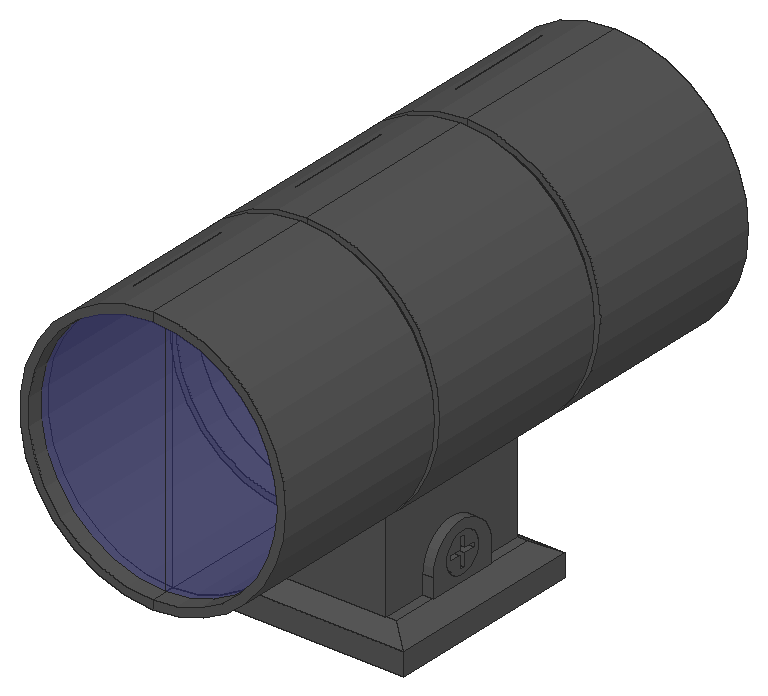
Revit family "CARLO CYLINDER LIGHT WALL MOUNT", category Lighting Fixtures, host Face, Revit 2020 (continued)
Types (10): name | Wattage_Input | Wattage Comments | Wattage | Photometric Web File | built-in parameter 1150142 | Model | built-in parameter 1150105 | Lumens | Light Length 1 | LIGHT RADIUS | LIGHT PLACEMENT | LIGHT LENGTH | LIGHT DIA | built-in parameter 1150106 | FIXED END HEIGHT | Curve base Height | Base Curve | BEAMING ANGLE | Apparent Load
    33.59 134.62 135.67 136.82 138.06 139.37 140.85 142.61 \r\n 144.67 147.05 149.79 152.9 156.49 160.59 165.42 171.13 177.89 185.41 \r\n 195.35 210.19 227.17 244.02 261.72 279.47 300.22 327.38 358.71 393.16 \r\n 430.62 470.72 513.18 557.75 603.93 650.84 699.34 750.59 802.72 854.32 \r\n 905.22 954.66 1003 1050.4 1096.3 1140.7 1182.1 1219.1 1252.6 1282.8 \r\n 1310.8 1337.8 1363.3 1387.4 1409.1 1428.2 1443.3 1452.7 1457.1 1456.8 \r\n 1452.3 \r\n1448.4 1457 1456.9 1451.1 1440.4 1425.2 1406.1 1383.2 1358.4 1333.8 \r\n 1308.1 1281 1251.3 1217.6 1180.4 1139.2 1094.9 1047.8 998.74 948.45 \r\n 897.18 845.23 793.24 741.79 691.37 642.81 595.68 549.63 505.28 463.01 \r\n 423.2 386.3 352.48 322.18 295.07 270.84 249.76 232.29 217.51 204.66 \r\n 193.75 184.69 177.06 170.46 164.82 159.94 155.76 152.2 149.13 146.37 \r\n 143.95 141.85 140.02 138.43 137.05 135.85 134.76 133.65 132.56 131.43 \r\n 130.38 129.57 128.83 128.06 127.28 126.48 125.65 124.76 123.84 123.13 \r\n 121.94 119.56 116.33 112.46 107.72 101.83 95.241 88.304 81.034 73.522 \r\n 65.9 58.294 50.808 43.592 36.624 29.655 23.512 19.103 15.943 14.055 \r\n 12.819 11.603 10.469 9.2027 7.9983 6.9843 6.1405 5.4993 5.0307 4.7523 \r\n 4.553 4.3051 4.0757 3.9007 3.7465 3.5882 3.436 3.2916 3.1567 3.04 \r\n 2.9229 2.7867 2.6401 2.4793 2.3238 2.2024 2.0829 1.9334 1.7816 1.6477 \r\n 1.5225 1.4103 1.2905 1.1276 0.97147 0.87449 0.79356 0.69652 0.60289 0.52032 \r\n 0.45233 0.4096 0.37841 0.34703 0.32012 0.29869 0.2819 0.27023 0.26079 0.2513 \r\n 0.24198 0.2323 0.22223 0.21099 0.2004 0.19272 0.18587 0.17805 0.17069 0.1652 \r\n 0.15972 0.15235 0.14456 0.13735 0.1301 0.12235 0.11462 0.10758 0.10032 0.091506 \r\n 0.0831 0.07733 0.072054 0.065601 0.058796 0.051663 0.044937 0.040055 0.034935 0.027247 \r\n 0.019173 0.012017 0.0060784 0.002255 0.000061 0 0 0 0 0 \r\n 0 0 0 0 0 0 0.000032 0.0010471 0.0028443 0.0054792 \r\n 0.009137 0.014763 0.020133 0.0219 0.024367 0.032299 0.040966 0.045843 0.051087 0.060466 \r\n 0.070628 0.079412 0.087023 0.092398 0.097177 0.10263 0.10881 0.11677 0.12478 0.1309 \r\n 0.13684 0.14386 0.15124 0.15855 0.16608 0.1739 0.1822 0.19119 0.20087 0.21179 \r\n 0.22249 0.23077 0.23942 0.25034 0.26391 0.28121 0.30198 0.32517 0.35416 0.39017 \r\n 0.43859 0.50897 0.59001 0.67387 0.76435 0.85818 0.96871 1.121 1.2766 1.393 \r\n 1.5085 1.6566 1.8097 1.9488 2.0813 2.2023 2.3297 2.491 2.6531 2.7851 \r\n 2.9073 3.0286 3.1521 3.2864 3.424 3.5552 3.6945 3.8506 4.0302 4.2519 \r\n 4.4885 4.6917 4.9441 5.3078 5.7963 6.4461 7.2504 8.2477 9.3387 10.362 \r\n 11.543 12.847 14.892 18.332 23.025 29.316 36.394 43.515 50.815 58.156 \r\n 65.604 73.262 80.89 88.334 95.438 102.1 108.01 112.75 116.56 119.54 \r\n 121.69 122.84 123.59 124.6 125.6 126.53 127.43 128.3 129.15 129.98 \r\n 130.87 131.97 133.11 134.16 135.22 136.33 137.54 138.87 140.4 142.17 \r\n 144.22 146.62 149.37 152.46 156.03 160.14 164.99 170.69 177.41 184.93 \r\n 194.46 207.66 222.95 239.04 256.73 275.87 298.03 325.12 356 390.28 \r\n 427.59 467.45 509.7 554.24 600.43 647.33 695.77 746.83 798.85 850.58 \r\n 901.84 952 1001.1 1049 1095.3 1139.7 1181.3 1218.4 1252 1281.7 \r\n 1309.2 1335.9 1361.3 1386 1408.5 1427.6 1442.6 1452.4 1457.2 1457 \r\n 1452.3 \r\n1448.4 1457.2 1457 1451.7 1441.4 1426.4 1407.3 1383.9 1358.4 1333.1 \r\n 1306.8 1279.9 1250.6 1216.8 1179.3 1137.7 1093.1 1046.4 997.81 947.8 \r\n 896.75 845.07 793.21 741.4 690.63 642.24 595.34 549.18 504.74 462.8 \r\n 423.3 386.25 352.21 321.94 294.93 270.91 249.96 232.27 217.21 204.18 \r\n 193.17 184.18 176.66 170.02 164.32 159.48 155.36 151.83 148.78 146.03 \r\n 143.62 141.58 139.81 138.24 136.87 135.71 134.66 133.58 132.5 131.33 \r\n 130.25 129.45 128.74 128 127.23 126.36 125.45 124.49 123.54 122.91 \r\n 121.82 119.47 116.27 112.48 107.84 102.02 95.433 88.325 80.886 73.376 \r\n 65.841 58.431 51.098 43.802 36.669 29.512 23.241 18.921 15.889 14.014 \r\n 12.761 11.535 10.389 9.1026 7.8898 6.9085 6.103 5.4744 5.0099 4.7345 \r\n 4.5362 4.2894 4.0596 3.8794 3.7213 3.5673 3.4204 3.2758 3.1397 3.0229 \r\n 2.9068 2.775 2.6308 2.4621 2.2988 2.1793 2.0654 1.9235 1.7776 1.6418 \r\n 1.5128 1.4005 1.2803 1.1135 0.95304 0.85339 0.77113 0.67474 0.583 0.50422 \r\n 0.43836 0.3961 0.36539 0.33693 0.31307 0.29294 0.27682 0.26571 0.25661 0.24634 \r\n 0.23658 0.22878 0.22051 0.20856 0.19661 0.18781 0.18048 0.17444 0.16841 0.16042 \r\n 0.15243 0.14639 0.14036 0.13262 0.12438 0.11612 0.10835 0.10231 0.096282 0.088289 \r\n 0.080297 0.074017 0.068232 0.062464 0.05621 0.047994 0.040266 0.036207 0.03215 0.024433 \r\n 0.016221 0.0094463 0.0041501 0.001347 0.000047 0 0 0 0 0 \r\n 0 0 0 0 0 0 0.000047 0.001347 0.0041501 0.0094463 \r\n 0.016221 0.024433 0.03215 0.036207 0.040266 0.047994 0.05621 0.062464 0.068232 0.074017 \r\n 0.080297 0.088289 0.096282 0.10231 0.10835 0.11612 0.12438 0.13262 0.14036 0.14639 \r\n 0.15243 0.16042 0.16841 0.17444 0.18048 0.18781 0.19661 0.20856 0.22051 0.22878 \r\n 0.23658 0.24634 0.25661 0.26571 0.27682 0.29294 0.31307 0.33693 0.36539 0.3961 \r\n 0.43836 0.50422 0.583 0.67474 0.77113 0.85339 0.95304 1.1135 1.2803 1.4005 \r\n 1.5128 1.6418 1.7776 1.9235 2.0654 2.1793 2.2988 2.4621 2.6308 2.775 \r\n 2.9068 3.0229 3.1397 3.2758 3.4204 3.5673 3.7213 3.8794 4.0596 4.2894 \r\n 4.5362 4.7345 5.0099 5.4744 6.103 6.9085 7.8898 9.1026 10.389 11.535 \r\n 12.761 14.014 15.889 18.921 23.241 29.512 36.669 43.802 51.098 58.431 \r\n 65.841 73.376 80.886 88.325 95.433 102.02 107.84 112.48 116.27 119.47 \r\n 121.82 122.91 123.54 124.49 125.45 126.36 127.23 128 128.74 129.45 \r\n 130.25 131.33 132.5 133.58 134.66 135.71 136.87 138.24 139.81 141.58 \r\n 143.62 146.03 148.78 151.83 155.36 159.48 164.32 170.02 176.66 184.18 \r\n 193.17 204.18 217.21 232.27 249.96 270.91 294.93 321.94 352.21 386.25 \r\n 423.3 462.8 504.74 549.18 595.34 642.24 690.63 741.4 793.21 845.07 \r\n 896.75 947.8 997.81 1046.4 1093.1 1137.7 1179.3 1216.8 1250.6 1279.9 \r\n 1306.8 1333.1 1358.4 1383.9 1407.3 1426.4 1441.4 1451.7 1457 1457.2 \r\n 1452.3 \r\n1448.4 1457 1457.2 1452.4 1442.6 1427.6 1408.5 1386 1361.3 1335.9 \r\n 1309.2 1281.7 1252 1218.4 1181.3 1139.7 1095.3 1049 1001.1 952 \r\n 901.84 850.58 798.85 746.83 695.77 647.33 600.43 554.24 509.7 467.45 \r\n 427.59 390.28 356 325.12 298.03 275.87 256.73 239.04 222.95 207.66 \r\n 194.46 184.93 177.41 170.69 164.99 160.14 156.03 152.46 149.37 146.62 \r\n 144.22 142.17 140.4 138.87 137.54 136.33 135.22 134.16 133.11 131.97 \r\n 130.87 129.98 129.15 128.3 127.43 126.53 125.6 124.6 123.59 122.84 \r\n 121.69 119.54 116.56 112.75 108.01 102.1 95.438 88.334 80.89 73.262 \r\n 65.604 58.156 50.815 43.515 36.394 29.316 23.025 18.332 14.892 12.847 \r\n 11.544 10.362 9.3387 8.2477 7.2504 6.4461 5.7963 5.3078 4.9441 4.6917 \r\n 4.4885 4.2519 4.0302 3.8506 3.6945 3.5552 3.424 3.2864 3.1521 3.0286 \r\n 2.9073 2.7851 2.6531 2.491 2.3297 2.2023 2.0813 1.9488 1.8097 1.6566 \r\n 1.5085 1.393 1.2766 1.121 0.96871 0.85818 0.76435 0.67387 0.59001 0.50897 \r\n 0.43859 0.39017 0.35416 0.32517 0.30198 0.28121 0.26391 0.25034 0.23942 0.23077 \r\n 0.22249 0.21179 0.20087 0.19119 0.1822 0.1739 0.16608 0.15855 0.15124 0.14386 \r\n 0.13684 0.1309 0.12478 0.11677 0.10881 0.10263 0.097177 0.092398 0.087023 0.079412 \r\n 0.070628 0.060466 0.051087 0.045843 0.040966 0.032299 0.024367 0.0219 0.020133 0.014763 \r\n 0.009137 0.0054792 0.0028443 0.0010471 0.000032 0 0 0 0 0 \r\n 0 0 0 0 0 0 0.000061 0.002255 0.0060784 0.012017 \r\n 0.019173 0.027247 0.034935 0.040055 0.044937 0.051663 0.058796 0.065601 0.072054 0.07733 \r\n 0.0831 0.091506 0.10032 0.10758 0.11462 0.12235 0.1301 0.13735 0.14456 0.15235 \r\n 0.15972 0.1652 0.17069 0.17805 0.18587 0.19272 0.2004 0.21099 0.22223 0.2323 \r\n 0.24198 0.2513 0.26079 0.27023 0.2819 0.29869 0.32012 0.34703 0.37841 0.4096 \r\n 0.45233 0.52032 0.60289 0.69652 0.79356 0.87449 0.97147 1.1276 1.2905 1.4103 \r\n 1.5225 1.6477 1.7816 1.9334 2.0829 2.2024 2.3238 2.4793 2.6401 2.7867 \r\n 2.9229 3.04 3.1567 3.2916 3.436 3.5882 3.7465 3.9007 4.0757 4.3051 \r\n 4.553 4.7523 5.0307 5.4993 6.1405 6.9843 7.9983 9.2027 10.469 11.603 \r\n 12.819 14.055 15.943 19.103 23.512 29.655 36.624 43.592 50.808 58.294 \r\n 65.9 73.522 81.034 88.304 95.241 101.83 107.72 112.46 116.33 119.56 \r\n 121.94 123.13 123.84 124.76 125.65 126.48 127.28 128.06 128.83 129.57 \r\n 130.38 131.43 132.56 133.65 134.76 135.85 137.05 138.43 140.02 141.85 \r\n 143.95 146.37 149.13 152.2 155.76 159.94 164.82 170.46 177.06 184.69 \r\n 193.75 204.66 217.51 232.29 249.76 270.84 295.07 322.18 352.48 386.3 \r\n 423.2 463.01 505.28 549.63 595.68 642.81 691.37 741.79 793.24 845.23 \r\n 897.18 948.45 998.74 1047.8 1094.9 1139.2 1180.4 1217.6 1251.3 1281 \r\n 1308.1 1333.8 1358.4 1383.2 1406.1 1425.2 1440.4 1451.1 1456.9 1457 \r\n 1452.3 \r\n1448.4 1456.8 1457.1 1452.7 1443.3 1428.2 1409.1 1387.4 1363.3 1337.8 \r\n 1310.8 1282.8 1252.6 1219.1 1182.1 1140.7 1096.3 1050.4 1003 954.66 \r\n 905.22 854.32 802.72 750.59 699.34 650.84 603.93 557.75 513.18 470.72 \r\n 430.62 393.16 358.71 327.38 300.22 279.47 261.72 244.02 227.17 210.19 \r\n 195.35 185.41 177.89 171.13 165.42 160.6 156.49 152.9 149.79 147.05 \r\n 144.67 142.61 140.85 139.37 138.06 136.82 135.67 134.62 133.59 132.47 \r\n 131.36 130.39 129.46 128.51 127.56 126.64 125.69 124.65 123.58 122.71 \r\n 121.51 119.53 116.73 112.87 108.02 102.04 95.329 88.242 80.812 73.114 \r\n 65.379 57.912 50.577 43.293 36.198 29.198 22.903 17.917 14.152 11.974 \r\n 10.63 9.4842 8.5571 7.6171 6.7848 6.1108 5.5741 5.1893 4.9004 4.6639 \r\n 4.4562 4.2278 4.013 3.8335 3.6782 3.5495 3.4294 3.2967 3.1634 3.0345 \r\n 2.9091 2.794 2.6711 2.5142 2.3545 2.2211 2.0947 1.9692 1.8349 1.6681 \r\n 1.5051 1.3874 1.2744 1.1275 0.9818 0.86313 0.76049 0.67467 0.59615 0.51308 \r\n 0.43889 0.38569 0.34563 0.31622 0.29355 0.27236 0.25422 0.23877 0.22642 0.219 \r\n 0.2118 0.1988 0.18581 0.17798 0.17139 0.1635 0.15528 0.14658 0.13825 0.13133 \r\n 0.12503 0.11918 0.11298 0.10476 0.097026 0.092466 0.088797 0.084906 0.07997 0.072699 \r\n 0.063376 0.05026 0.038119 0.033191 0.029312 0.020422 0.01244 0.011044 0.0109 0.007517 \r\n 0.0040414 0.0025795 0.0017577 0.00074756 0.000020 0 0 0 0 0 \r\n 0 0 0 0 0 0 0.000070 0.0028986 0.0074094 0.013682 \r\n 0.020936 0.028673 0.036131 0.041984 0.047432 0.053226 0.059394 0.066626 0.073688 0.078746 \r\n 0.0843 0.093107 0.10256 0.11065 0.11831 0.12584 0.13306 0.13954 0.14636 0.15547 \r\n 0.16384 0.16749 0.17116 0.17954 0.18868 0.19519 0.20201 0.21139 0.22196 0.23351 \r\n 0.24479 0.25374 0.26258 0.27238 0.28458 0.30181 0.32416 0.35338 0.38702 0.41864 \r\n 0.46186 0.5323 0.61748 0.71262 0.81026 0.8906 0.9859 1.1387 1.2984 1.4176 \r\n 1.5296 1.6524 1.7853 1.9417 2.097 2.2204 2.343 2.493 2.6482 2.7967 \r\n 2.9364 3.0542 3.171 3.3055 3.4503 3.6067 3.7684 3.9196 4.0907 4.3194 \r\n 4.5678 4.7674 5.0469 5.5152 6.1633 7.0389 8.0805 9.2763 10.525 11.651 \r\n 12.863 14.089 15.988 19.248 23.721 29.743 36.545 43.374 50.516 58.103 \r\n 65.844 73.532 81.05 88.201 95.02 101.61 107.56 112.4 116.38 119.64 \r\n 122.05 123.32 124.1 125 125.84 126.61 127.36 128.16 128.96 129.72 \r\n 130.55 131.57 132.66 133.76 134.89 136.02 137.24 138.64 140.24 142.11 \r\n 144.26 146.68 149.45 152.55 156.14 160.36 165.27 170.88 177.45 185.16 \r\n 194.3 205.12 217.83 232.46 249.82 270.89 295.14 322.31 352.62 386.28 \r\n 423.07 463.08 505.57 549.87 595.85 643.14 691.79 741.91 793.07 845.12 \r\n 897.28 948.75 999.3 1048.8 1096.1 1140.2 1181 1218.1 1251.6 1281.5 \r\n 1308.8 1334 1358 1382.3 1404.8 1423.9 1439.3 1450.4 1456.6 1456.7 \r\n 1452.3 \r\n1448.4 1456.5 1456.9 1452.7 1443.4 1428.3 1409.2 1388 1364.4 1338.9 \r\n 1311.5 1283.2 1252.6 1219 1181.9 1140.5 1096.3 1050.6 1003.6 955.8 \r\n 906.88 856.29 804.84 752.69 701.35 652.78 605.82 559.7 515.18 472.62 \r\n 432.39 394.87 360.35 328.71 301.51 281.73 264.92 247.23 229.86 211.76 \r\n 195.83 185.62 178.1 171.31 165.64 160.83 156.74 153.16 150.05 147.32 \r\n 144.96 142.92 141.17 139.72 138.44 137.18 136.01 134.96 133.95 132.83 \r\n 131.71 130.68 129.67 128.64 127.62 126.68 125.72 124.63 123.5 122.53 \r\n 121.28 119.44 116.77 112.84 107.88 101.84 95.104 88.048 80.653 72.93 \r\n 65.166 57.701 50.385 43.135 36.081 29.159 22.875 17.675 13.67 11.393 \r\n 10.02 8.9009 8.0436 7.2108 6.4931 5.9026 5.4363 5.1189 4.8787 4.6511 \r\n 4.4393 4.2171 4.0079 3.8279 3.6724 3.5501 3.4368 3.3068 3.1736 3.0406 \r\n 2.9121 2.8016 2.6849 2.5315 2.3731 2.2356 2.1056 1.9846 1.8532 1.6763 \r\n 1.5025 1.3838 1.2737 1.1332 0.99232 0.86927 0.76139 0.67744 0.60142 0.51655 \r\n 0.43924 0.38264 0.3398 0.31008 0.28778 0.2664 0.24775 0.23099 0.2176 0.21101 \r\n 0.20454 0.18981 0.17533 0.16893 0.16417 0.1566 0.14808 0.13853 0.12944 0.12282 \r\n 0.11701 0.11121 0.10496 0.096601 0.089021 0.085624 0.083209 0.079838 0.07512 0.06815 \r\n 0.058539 0.043401 0.029326 0.024508 0.021247 0.012363 0.0044852 0.0036406 0.0044514 0.0026932 \r\n 0.00093376 0.00074716 0.00089028 0.00044829 0.000010 0 0 0 0 0 \r\n 0 0 0 0 0 0 0.000074 0.0032778 0.008143 0.014442 \r\n 0.021511 0.028709 0.035737 0.041992 0.047751 0.052685 0.058007 0.065539 0.073134 0.078266 \r\n 0.083896 0.093092 0.103 0.11155 0.11943 0.12658 0.13324 0.13918 0.14577 0.15575 \r\n 0.16479 0.16731 0.16983 0.1789 0.1889 0.19522 0.20143 0.20976 0.21969 0.23244 \r\n 0.24502 0.25365 0.26198 0.27217 0.28486 0.30232 0.32518 0.35599 0.39122 0.42321 \r\n 0.46693 0.53943 0.62677 0.72305 0.82123 0.9017 0.99634 1.1468 1.3041 1.4225 \r\n 1.5342 1.6559 1.7887 1.9485 2.1077 2.2334 2.3566 2.503 2.6549 2.805 \r\n 2.9472 3.0657 3.1828 3.3175 3.4633 3.6229 3.7871 3.9362 4.1045 4.3325 \r\n 4.5805 4.7798 5.0587 5.5222 6.1716 7.0724 8.1365 9.3233 10.557 11.681 \r\n 12.894 14.116 16.026 19.356 23.866 29.776 36.431 43.145 50.221 57.856 \r\n 65.675 73.404 80.931 88.017 94.769 101.36 107.36 112.31 116.41 119.71 \r\n 122.15 123.49 124.33 125.23 126.04 126.76 127.48 128.29 129.12 129.91 \r\n 130.75 131.74 132.81 133.92 135.07 136.21 137.44 138.85 140.46 142.36 \r\n 144.54 146.97 149.74 152.86 156.49 160.75 165.68 171.26 177.82 185.62 \r\n 194.81 205.55 218.16 232.78 250.12 271.05 295.16 322.31 352.62 386.19 \r\n 422.92 463.03 505.63 549.92 595.88 643.23 691.89 741.76 792.68 844.76 \r\n 897.04 948.71 999.5 1049.3 1096.8 1140.8 1181.3 1218.2 1251.7 1281.7 \r\n 1308.9 1333.8 1357.3 1381.2 1403.4 1422.5 1438 1449.6 1456.1 1456.4 \r\n 1452.3 \r\n1448.4 1456.3 1456.6 1452.3 1443 1427.7 1408.7 1387.9 1364.7 1339.1 \r\n 1311.5 1282.9 1251.9 1217.9 1180.6 1139.2 1095.1 1049.6 1002.8 955.41 \r\n 906.84 856.48 805.2 753.13 701.8 653.15 606.12 560.1 515.7 473.16 \r\n 432.92 395.43 360.9 329.12 301.9 282.65 266.35 248.65 231.02 212.37 \r\n 195.91 185.55 178.02 171.26 165.62 160.85 156.79 153.23 150.14 147.44 \r\n 145.1 143.07 141.34 139.93 138.68 137.42 136.23 135.19 134.17 133.05 \r\n 131.92 130.84 129.78 128.69 127.62 126.66 125.68 124.55 123.36 122.3 \r\n 120.99 119.27 116.69 112.67 107.57 101.5 94.765 87.754 80.414 72.712 \r\n 64.963 57.523 50.24 43.04 36.044 29.199 22.941 17.606 13.444 11.105 \r\n 9.7145 8.6123 7.7984 7.029 6.3751 5.8216 5.383 5.0966 4.8791 4.6534 \r\n 4.4379 4.22 4.0149 3.8341 3.6772 3.557 3.4461 3.3166 3.1827 3.0469 \r\n 2.9163 2.808 2.6945 2.5431 2.3855 2.246 2.1139 1.995 1.8645 1.6812 \r\n 1.5008 1.3821 1.2745 1.1381 1.0003 0.8742 0.76281 0.68026 0.60583 0.51937 \r\n 0.43966 0.38103 0.33667 0.30675 0.28467 0.26332 0.24452 0.22701 0.21297 0.20681 \r\n 0.20068 0.18484 0.16943 0.16404 0.16056 0.1532 0.14448 0.1344 0.12482 0.11833 \r\n 0.11278 0.107 0.10073 0.092284 0.084795 0.082104 0.080412 0.077192 0.072475 0.065764 \r\n 0.056118 0.039888 0.024709 0.019794 0.016772 0.008123 0.00050212 0 0.00078767 0.00039656 \r\n 0 0.000087 0.00024197 0.00013774 0.000003 0 0 0 0 0 \r\n 0 0 0 0 0 0 0.000074 0.0033925 0.0082792 0.014298 \r\n 0.020898 0.027356 0.033754 0.040081 0.045893 0.050037 0.054633 0.062339 0.070391 0.07589 \r\n 0.081889 0.091463 0.10164 0.11025 0.11798 0.12457 0.13064 0.13627 0.14279 0.15319 \r\n 0.16258 0.16463 0.16669 0.17612 0.18655 0.1928 0.19867 0.2061 0.21542 0.22906 \r\n 0.24265 0.25104 0.25898 0.26958 0.28273 0.30021 0.32319 0.35485 0.39102 0.42332 \r\n 0.46754 0.54171 0.63076 0.7278 0.82647 0.90781 1.0028 1.1518 1.3074 1.4249 \r\n 1.5362 1.6581 1.7918 1.9537 2.1149 2.2413 2.3643 2.5095 2.6604 2.8117 \r\n 2.9555 3.0745 3.1919 3.3278 3.475 3.6367 3.8024 3.9506 4.1171 4.3441 \r\n 4.5912 4.7895 5.0659 5.5203 6.1653 7.0846 8.1662 9.3437 10.564 11.691 \r\n 12.911 14.137 16.056 19.427 23.947 29.755 36.282 42.907 49.925 57.555 \r\n 65.391 73.139 80.68 87.751 94.488 101.08 107.11 112.19 
